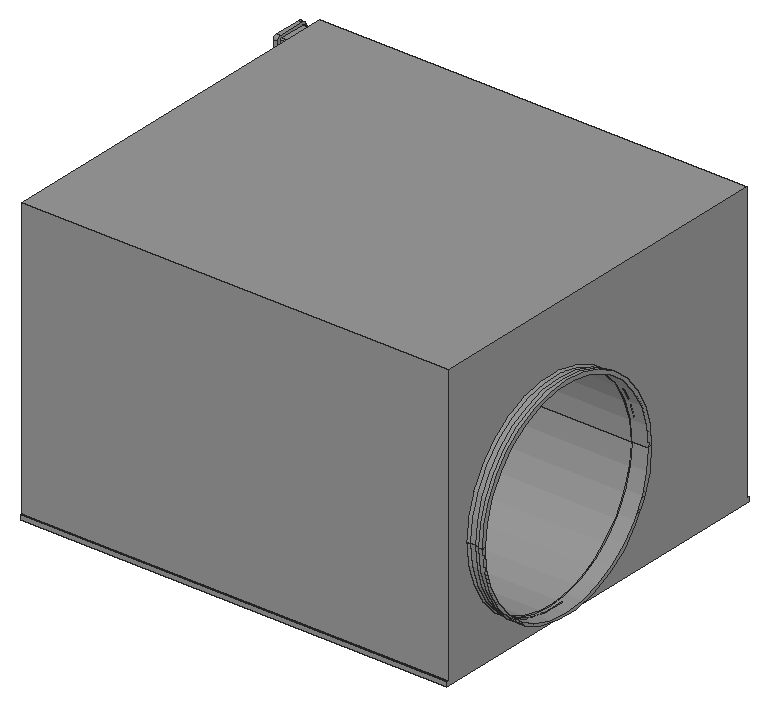
Revit family "IRB 500 F3 EC_7890042", category Mechanical Equipment, Revit 2014
Parameters (values of type "IRB 500 F3 EC")
  Wiring diagram = "4040147"
  Width = 1110 mm
  Weight = 112.00 kg
  Voltage range = "380-480 V"
  Voltage = 400 V
  Speed = "1620 rpm"
  Sound pressure level at 3 m = "66 dB(A)"
  Power = 2916 W
  Phase = 3
  Max. temperature of transported air when speed controlled = 60 °C
  Max. temperature of transported air = 60 °C
  Main Material = Steel, Galvanized
  Height = 908 mm
  Frequency = 50 Hz
  Elevation [instance] = 2600 mm
  Diameter = 500 mm
  Description = "Insulated duct fans with circular connections"
  Depth = 681 mm
  Current = 4.47 A
  Capacitor = "- µF"
Reference planes
  plane 1 "Center (Front/Back)": y = 0
  plane 2: z = 0
  plane 3 "Center (Left/Right)": x = 0
  plane 4: z = 2600
Dimensions and locks
  "Elevation": plane 4 to plane 2
  aligned and locked: level to plane 2
  aligned and locked: plane 3 "Center (Left/Right)" to nested 1
  aligned and locked: plane 1 "Center (Front/Back)" to nested 1
  aligned and locked: nested 1 to nested 2  (x2)
  aligned and locked: nested 1 to plane 4
Nested families
  nested 1: "IRB" at (0, 0, 2600), type "IRB"
  nested 2: "Flow direction symbol" at (0, 0, 0), type "Flow direction symbol"
Connectors
  electrical at (-555, 402.5, 3229.5), driven by "Phase", driven by "Voltage", driven by "Power"
    settings: on nested 1, index 1, voltage 400 V, apparent load 0 VA, apparent load phase1 2916 VA, apparent load phase2 0 VA, apparent load phase3 0 VA, power factor 1, load classification "Other", number of poles 3, system type 31, power factor state 1, is connector primary yes, connector utility no, sub classification motor no, connector description ""
  hvac at (-555, -144.5, 2886), driven by "Diameter"
    settings: on nested 1, index 4, duct flow 0.0 L/s, flow factor 0, pres drop 0.0 Pa, loss coef 0, conn angle 0.00°, conn width 304.8 mm, conn height 304.8 mm, conn diameter 500 mm, duct sys type 1, conn prof type 0, flow config 0, flow direction 1, loss method 0, conn ref index -1, conn util no, is conn primary yes, conn desc ""
  hvac at (547, -144, 2886), driven by "Diameter"
    settings: on nested 1, index 5, duct flow 0.0 L/s, flow factor 0, pres drop 0.0 Pa, loss coef 0, conn angle 0.00°, conn width 304.8 mm, conn height 304.8 mm, conn diameter 500 mm, duct sys type 3, conn prof type 0, flow config 0, flow direction 2, loss method 0, conn ref index -1, conn util no, is conn primary no, conn desc ""
Definition of nested family "IRB"
  Parameters (values of type "IRB")
    Width = 1110 mm
    Main Material = Steel, Galvanized
    Height = 908 mm
    Description = ""
    Depth = 681 mm
  Reference planes
    plane 1 "Center (Front/Back)": y = 0
    plane 2: z = 0
    plane 3 "Center (Left/Right)": x = 0
    plane 4: z = 681
    plane 5 "Horizontal Pipe Axis": z = 430
    plane 6: z = 10
    plane 7: z = 671
    plane 8: x = -513.5
    plane 9: x = 513.5
    plane 10: x = -555
    plane 11: x = 555
    plane 12: y = 454
    plane 13: y = -454
    plane 14: y = 444
    plane 15: x = -545
    plane 16: y = -144
    plane 17: z = 286
  Forms (mm)
    Extrusion 1, solid, material "Steel, Galvanized" <- "Main Material", detail levels medium+fine
      sketch origin (0, 0, 0) x (0, 1, 0) y (0, 0, 1)
        loop
          line (-454, 0) -> (454, 0) -> (454, 10) -> (449, 10) -> (449, 11) -> (449, 681) -> (-449, 681) -> (-449, 10) -> (-454, 10) -> (-454, 0)
      from -513.5 to 513.5
    Extrusion 2, void
      sketch origin (0, 64.5, -161.869) x (0, 1, 0) y (0, 0, 1)
        loop
          circle (-209.5, 446.497) r 247
      from -1429.857 to 1385.5
    Extrusion 3, solid, material "Steel, Galvanized" <- "Main Material", detail levels coarse
      sketch origin (0, 0, 0) x (0, 1, 0) y (0, 0, 1)
        loop
          line (454, 681) -> (-454, 681) -> (-454, 0) -> (454, 0) -> (454, 681)
      from -513.5 to 513.5
    Sweep 4, solid, material "Plastic, Opaque White", detail levels fine
      path origin (0, 0, 0) x (1, 0, 0) y (0, 1, 0)
        loop
          line (-545, 444) -> (-555, 444)
      profile origin (-550, 444, 0) x (0, -1, 0) y (0, 0, 1)
        loop
          arc (8.073, 671) -> (2.365, 668.635) -> (0, 662.927) r 8.073
          line (0, 662.927) -> (0, 596.073)
          arc (0, 596.073) -> (2.365, 590.365) -> (8.073, 588) r 8.073
          line (8.073, 588) -> (74.927, 588)
          arc (74.927, 588) -> (80.635, 590.365) -> (83, 596.073) r 8.073
          line (83, 596.073) -> (83, 662.927)
          arc (83, 662.927) -> (80.635, 668.635) -> (74.927, 671) r 8.073
          line (74.927, 671) -> (8.073, 671)
    Sweep 5, solid, material "Plastic, Opaque White", detail levels fine
      path origin (0, 0, 0) x (1, 0, 0) y (0, 1, 0)
        loop
          line (-545, 402.5) -> (-513.5, 402.5)
      profile origin (-529.25, 402.5, 0) x (0, 1, 0) y (0, 0, 1)
        loop
          line (33.427, 666) -> (-33.427, 666)
          arc (-33.427, 666) -> (-35.6, 665.1) -> (-36.5, 662.927) r 3.073
          line (-36.5, 662.927) -> (-36.5, 596.073)
          arc (-36.5, 596.073) -> (-35.6, 593.9) -> (-33.427, 593) r 3.073
          line (-33.427, 593) -> (33.427, 593)
          arc (33.427, 593) -> (35.6, 593.9) -> (36.5, 596.073) r 3.073
          line (36.5, 596.073) -> (36.5, 662.927)
          arc (36.5, 662.927) -> (35.6, 665.1) -> (33.427, 666) r 3.073
    Extrusion 6, void, detail levels medium+fine
      sketch origin (0, 64.5, -123.605) x (0, 1, 0) y (0, 0, 1)
        loop
          circle (-209.5, 407.499) r 248
      from -809.837 to 891.662
    Extrusion 7, solid, material "Steel, Galvanized" <- "Main Material", detail levels coarse
      sketch origin (0, 66, -116.163) x (0, 1, 0) y (0, 0, -1)
        loop
          circle (-208.916, -402.799) r 249
      from 513.5 to 555
    Extrusion 8, void
      sketch origin (0, 64.5, -122.872) x (0, 1, 0) y (0, 0, 1)
        loop
          circle (-209.5, 407.499) r 248
      from -809.837 to 700
    Revolve 9, solid, material "Steel, Galvanized" <- "Main Material", detail levels medium+fine
      sketch origin (0, 34.5, 286) x (-1, 0, 0) y (0, -1, 0)
        loop
          line (555, -75.416) -> (555, 178.5) -> (513.5, 178.5) -> (513.5, -71.416)
          arc (513.5, -71.416) -> (517.75, -73.416) -> (522, -71.416) r 5.516
          line (522, -71.416) -> (537, -71.416) -> (537, -73.416) -> (547, -73.416) -> (547, -75.416) -> (555, -75.416)
        axis (513.5, 178.5) -> (555, 178.5)
      angle from 0 to 360
    Extrusion 10, solid, material "Steel, Galvanized" <- "Main Material", detail levels coarse
      sketch origin (0, 66, -116.163) x (0, 1, 0) y (0, 0, 1)
        loop
          circle (-208.916, 402.799) r 249
      from 513.5 to 555
    Revolve 11, solid, material "Steel, Galvanized" <- "Main Material", detail levels medium+fine
      sketch origin (0, 34.5, 286) x (1, 0, 0) y (0, 1, 0)
        loop
          line (555, 75.416) -> (547, 75.416) -> (547, 73.416) -> (537, 73.416) -> (537, 71.416) -> (522, 71.416)
          arc (522, 71.416) -> (517.75, 73.416) -> (513.5, 71.416) r 5.516
          line (513.5, 71.416) -> (513.5, -178.5) -> (555, -178.5) -> (555, 75.416)
        axis (513.5, -178.5) -> (555, -178.5)
      angle from 0 to 360
  Cuts and joins
    Extrusion 2 cuts Extrusion 1
    joined: Sweep 4, Sweep 5
    Extrusion 6 cuts Extrusion 3
    Extrusion 8 cuts Revolve 9
    Extrusion 2 cuts Revolve 11
  Dimensions and locks
    equal spacing: plane 10, plane 3 "Center (Left/Right)", plane 11
    "Width": plane 10 to plane 11
    "Depth": plane 4 to level
    locked: plane 12 to plane 14 at 10
    locked: plane 4 to plane 7 at 10
    locked: plane 10 to plane 15 at 10
    locked: plane 10 to plane 8 at 41.5
    locked: plane 9 to plane 11 at 41.5
    locked: Sweep 5 sketch curve to plane 7 at 5
    locked: plane 14 to Sweep 5 sketch curve at 5
    plane 4 to plane 5 "Horizontal Pipe Axis" = 251 mm
    equal spacing: plane 12, plane 1 "Center (Front/Back)", plane 13
    "Height": plane 12 to plane 13
    aligned and locked: level to plane 2
    aligned and locked: Extrusion 1 sketch curve to plane 13
    aligned and locked: plane 2 to Extrusion 1 sketch curve
    aligned and locked: Extrusion 1 sketch curve to plane 12
    aligned and locked: Extrusion 1 to plane 9
    aligned and locked: Extrusion 1 to plane 8
    aligned and locked: plane 4 to Extrusion 3 sketch curve
    aligned and locked: plane 12 to Extrusion 3 sketch curve
    aligned and locked: Extrusion 3 to plane 8
    aligned and locked: Extrusion 3 to plane 9
    aligned and locked: plane 10 to Sweep 4 sketch curve
    aligned and locked: plane 15 to Sweep 4 sketch curve
    aligned and locked: Sweep 4 sketch curve to plane 7
    aligned and locked: Sweep 4 sketch curve to plane 14
    aligned and locked: plane 8 to Sweep 5 sketch curve
    aligned and locked: plane 15 to Sweep 5 sketch curve
    aligned and locked: Extrusion 10 to cut or joined group of Extrusion 3, Extrusion 6
    aligned and locked: Extrusion 10 to plane 11
    aligned and locked: Extrusion 7 to cut or joined group of Extrusion 3, Extrusion 6
    aligned and locked: Extrusion 7 to plane 10
  Automatic sketch dimensions
    Extrusion 1 sketch curve to plane 4 = 0 mm
    Extrusion 1 sketch curve to plane 6 = 0 mm  (x2)
    Extrusion 1 sketch curve to plane 13 = 5 mm
    Extrusion 1 sketch curve to plane 12 = 5 mm
    Extrusion 1 sketch curve to Extrusion 1 sketch curve = 1 mm
    Extrusion 2 sketch curve to plane 16 = 1 mm
    Extrusion 2 sketch curve to plane 17 = 1.372 mm
    Extrusion 3 sketch curve to plane 13 = 0 mm
    Extrusion 3 sketch curve to level = 0 mm
    Sweep 4 sketch curve to plane 14 = 0 mm
    Sweep 4 sketch curve to profile plane = 8.073 mm  (x2)
    Sweep 4 sketch curve to Sweep 4 sketch curve = 66.854 mm  (x3)
    Sweep 4 sketch curve to Sweep 4 sketch curve = 8.073 mm
    Sweep 5 sketch curve to plane 14 = 41.5 mm
    Sweep 5 sketch curve to Sweep 5 sketch curve = 3.073 mm  (x3)
    profile plane to Sweep 5 sketch curve = 33.427 mm  (x2)
    Sweep 5 sketch curve to Sweep 5 sketch curve = 66.854 mm
    Extrusion 6 sketch curve to plane 16 = 1 mm
    Extrusion 6 sketch curve to plane 17 = 2.106 mm
    plane 16 to Extrusion 7 sketch curve = 1.084 mm
    plane 17 to Extrusion 7 sketch curve = 0.636 mm
    Extrusion 8 sketch curve to plane 16 = 1 mm
    Extrusion 8 sketch curve to plane 17 = 1.372 mm
    Revolve 9 sketch curve to plane 8 = 0 mm  (x2)
    Revolve 9 sketch curve to plane 10 = 0 mm
    Revolve 9 sketch curve to plane 16 = 0 mm  (x2)
    Revolve 9 sketch curve to plane 8 = 4.25 mm
    Revolve 9 sketch curve to Revolve 9 sketch curve = 4.25 mm
    plane 15 to Revolve 9 sketch curve = 8 mm
    Revolve 9 sketch curve to plane 15 = 2 mm
    Revolve 9 sketch curve to plane 1 "Center (Front/Back)" = 102.4 mm
    Revolve 9 sketch curve to Revolve 9 sketch curve = 3.515 mm
    Revolve 9 sketch curve to Revolve 9 sketch curve = 2 mm  (x2)
    Revolve 9 sketch curve to Revolve 9 sketch curve = 93.5 mm
    plane 16 to Extrusion 10 sketch curve = 1.084 mm
    plane 17 to Extrusion 10 sketch curve = 0.636 mm
    Revolve 11 sketch curve to plane 9 = 0 mm  (x2)
    Revolve 11 sketch curve to plane 11 = 0 mm
    Revolve 11 sketch curve to plane 16 = 0 mm  (x2)
    Revolve 11 sketch curve to plane 9 = 4.25 mm
    Revolve 11 sketch curve to Revolve 11 sketch curve = 4.25 mm
    Revolve 11 sketch curve to Revolve 11 sketch curve = 15 mm
    plane 11 to Revolve 11 sketch curve = 8 mm
    Revolve 11 sketch curve to plane 1 "Center (Front/Back)" = 102.4 mm
    Revolve 11 sketch curve to Revolve 11 sketch curve = 3.515 mm
    Revolve 11 sketch curve to Revolve 11 sketch curve = 2 mm  (x2)
    Revolve 11 sketch curve to Revolve 11 sketch curve = 93.5 mm
    radius of Extrusion 2 sketch curve = 247 mm
    radius of Extrusion 6 sketch curve = 248 mm
    radius of Extrusion 7 sketch curve = 249 mm
    radius of Extrusion 8 sketch curve = 248 mm
    radius of Extrusion 10 sketch curve = 249 mm
Definition of nested family "Flow direction symbol"
  Parameters (values of type "Flow direction symbol")
    Warning = "!"
    Text = "DIMENSIONS OVERCONSTRAINT"
  Reference planes
    plane 1: y = 0
    plane 2: x = 0
  Lines and regions (mm)
    detail lines
      curve 1: line (-0.506, 0.877, 0) -> (-0.506, -0.877, 0)
      curve 2: line (1.012, 0, 0) -> (-0.506, -0.877, 0)
      curve 3: line (-0.506, 0.877, 0) -> (1.012, 0, 0)
      curve 4: circle (0, 0, 0) r 1 normal (0, 0, 1)
